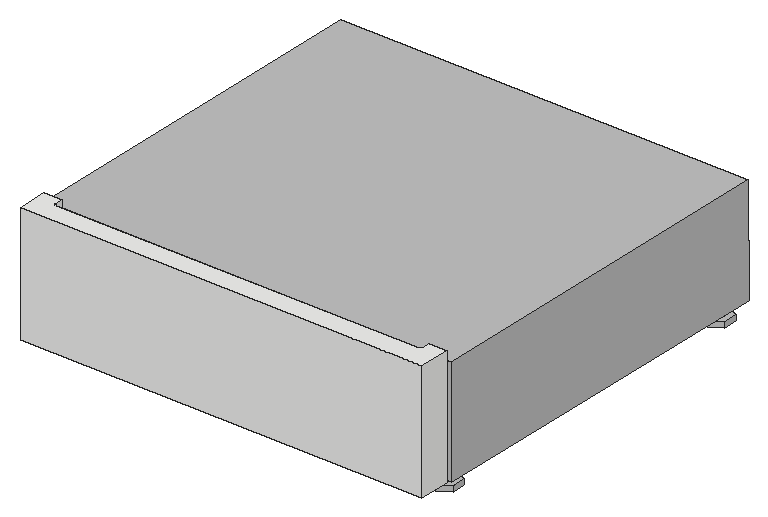
Revit family "FP-Revit19-FM2060S1-Plinth-90002791A", category Specialty Equipment, Revit 2020
Family settings
  Round Connector Dimension = Use Diameter
  Part Type = Normal
  Work Plane-Based = No
  Always vertical = Yes
  Cut with Voids When Loaded = Yes
  Shared = No
  Room Calculation Point = No
Parameters (values of type "FM2060S1")
  Visibility - Clearance Required = yes
  Product - Height (192mm - 202mm) = ([Cavity - Height (195mm - 205mm)]) - 3 mm  # 197 mm
  Product - Width = 600 mm  # constant formula
  Product - Depth = 605 mm  # constant formula
  Model = "FM2060S1"
  Material - Front = Fisher & Paykel - White
  Material - Body = Fisher & Paykel - Grey
  Manufacturer = "Fisher & Paykel Appliances Ltd"  # constant formula
  Default Elevation = 0 mm
  Chassis - Width = 600 mm  # constant formula
  Chassis - Height = 159 mm  # constant formula
  Chassis - Depth = 545 mm  # constant formula
  Cavity - Width = 624 mm  # constant formula
  Cavity - Height (195mm - 205mm) = 200 mm  # constant formula
  Cavity - Depth = 655 mm  # constant formula
Types (3, lengths in mm): name | Model | Material - Front
  (no name) | "FM2060S1" | Fisher & Paykel - White
  FM2060S1 | "FM2060S1" | Fisher & Paykel - White
  FM2060SG1 | "FM2060SG1" | Fisher & Paykel - Grey, Charcoal
Reference planes
  plane 1 "Front": y = 0
  plane 2: z = 0
  plane 3 "Center (Left/Right)": x = 0
  plane 4 "Product LHS": x = -300
  plane 5 "Cavity LHS": x = -312
  plane 6 "Product RHS": x = 300
  plane 7 "Cavity RHS": x = 312
  plane 8 "FFL_Offset": z = 0
  plane 9 "Product - Height": z = 197
  plane 10 "Cavity - Height": z = 200
  plane 11 "Chassis": z = 23
  plane 12 "Chassis Rear": y = 605
  plane 13 "Chassis Front": y = 60
  plane 14: y = 655
  plane 15 "Datum": y = 10
Forms (mm)
  Extrusion 1, solid, material "Fisher & Paykel - Grey" <- "Material - Body"
    sketch origin (0, 0, 1000) x (0, 1, 0) y (0, 0, 1)
      loop
        line (59.969, -818) -> (59.969, -977) -> (605, -977) -> (605, -818) -> (59.969, -818)
    from -300 to 300
  Extrusion 2, solid, material "Fisher & Paykel - White" <- "Material - Front"
    sketch origin (0, 0, 0) x (1, 0, 0) y (0, 1, 0)
      loop
        line (-296.6, 54.969) -> (-295.406, 9.873)
        arc (-295.406, 9.873) -> (0, -0.081) -> (295.406, 9.873) r 4388.088
        line (295.406, 9.873) -> (296.6, 54.969) -> (-296.6, 54.969)
    from 23 to 197
  Extrusion 3, void
    sketch origin (0, 0, 0) x (1, 0, 0) y (0, 1, 0)
      loop
        line (-270.25, 54.969) -> (-270.25, 43.595)
        arc (-270.25, 43.595) -> (-269.217, 41.102) -> (-266.724, 40.069) r 3.526
        line (-266.724, 40.069) -> (266.758, 40.069)
        arc (266.758, 40.069) -> (269.227, 41.092) -> (270.25, 43.561) r 3.492
        line (270.25, 43.561) -> (270.25, 54.969) -> (-270.25, 54.969)
    from 185.9 to 197
  Extrusion 4, solid, material "Fisher & Paykel - Grey" <- "Material - Body"
    sketch origin (0, 0, 0) x (0, 1, 0) y (0, 0, 1)
      loop
        line (110.869, 23) -> (110.869, 5) -> (125.069, 5) -> (129.399, 12.5) -> (134.399, 12.5) -> (134.399, 9.997) -> (168.249, 9.997)
        arc (168.249, 9.997) -> (182.876, 3.386) -> (197.503, 9.997) r 19.487
        line (197.503, 9.997) -> (480.17, 9.997)
        arc (480.17, 9.997) -> (494.797, 3.288) -> (509.424, 9.997) r 19.3
        line (509.424, 9.997) -> (553.2, 9.997) -> (553.2, 23) -> (110.869, 23)
    from 172.5 to 219.5
  Extrusion 5, solid, material "Fisher & Paykel - Grey" <- "Material - Body"
    sketch origin (0, 0, 0) x (1, 0, 0) y (0, 1, 0)
      loop
        circle (272.7, 84.769) r 7.942
      loop
        circle (276, 579.9) r 7.963
      loop
        circle (-272.7, 84.769) r 7.942
      loop
        circle (-276, 579.9) r 7.963
    from 8 to 23
  Extrusion 6, solid, material "Fisher & Paykel - Grey" <- "Material - Body"
    sketch origin (0, 0, 0) x (1, 0, 0) y (0, 1, 0)
      loop
        line (272.7, 104.769) -> (255.379, 94.769) -> (255.379, 74.769) -> (272.7, 64.769) -> (290.021, 74.769) -> (290.021, 94.769) -> (272.7, 104.769)
      loop
        line (276, 599.9) -> (258.679, 589.9) -> (258.679, 569.9) -> (276, 559.9) -> (293.321, 569.9) -> (293.321, 589.9) -> (276, 599.9)
      loop
        line (-272.7, 104.769) -> (-290.021, 94.769) -> (-290.021, 74.769) -> (-272.7, 64.769) -> (-255.379, 74.769) -> (-255.379, 94.769) -> (-272.7, 104.769)
      loop
        line (-276, 599.9) -> (-293.321, 589.9) -> (-293.321, 569.9) -> (-276, 559.9) -> (-258.679, 569.9) -> (-258.679, 589.9) -> (-276, 599.9)
    from 0 to 8
  Extrusion 7, solid, material "Fisher & Paykel - Grey" <- "Material - Body"
    sketch origin (0, 0, 0) x (0, 1, 0) y (0, 0, 1)
      loop
        line (54.969, 160.5) -> (54.969, 53) -> (59.969, 53) -> (59.969, 160.5) -> (54.969, 160.5)
    from -270 to 270
  Extrusion 8, solid, material "Fisher & Paykel - Clearance Required", visible <- "Visibility - Clearance Required", detail levels coarse
    sketch origin (0, 0, 0) x (0, 1, 0) y (0, 0, 1)
      loop
        line (0, 0) -> (655, 0) -> (655, 200) -> (0, 200) -> (0, 0)
    from -312 to 312
  Extrusion 9, void
    sketch origin (0, 0, 0) x (0, 1, 0) y (0, 0, 1)
      loop
        line (0, 0) -> (655, 0) -> (655, 200) -> (0, 200) -> (0, 0)
    from -312 to 312
  Extrusion 10, solid, material "Fisher & Paykel - Grey" <- "Material - Body"
    sketch origin (0, 0, 0) x (0, 1, 0) y (0, 0, -1)
      loop
        line (110.869, -23) -> (553.2, -23) -> (553.2, -9.997) -> (509.424, -9.997)
        arc (509.424, -9.997) -> (494.797, -3.288) -> (480.17, -9.997) r 19.3
        line (480.17, -9.997) -> (197.503, -9.997)
        arc (197.503, -9.997) -> (182.876, -3.386) -> (168.249, -9.997) r 19.487
        line (168.249, -9.997) -> (134.399, -9.997) -> (134.399, -12.5) -> (129.399, -12.5) -> (125.069, -5) -> (110.869, -5) -> (110.869, -23)
    from 172.5 to 219.5
Cuts and joins
  Extrusion 3 cuts Extrusion 2
Dimensions and locks
  equal spacing: plane 4 "Product LHS", plane 3 "Center (Left/Right)", plane 6 "Product RHS"
  equal spacing: plane 5 "Cavity LHS", plane 3 "Center (Left/Right)", plane 7 "Cavity RHS"
  "Cavity - Width": plane 5 "Cavity LHS" to plane 7 "Cavity RHS"
  "Product - Width": plane 4 "Product LHS" to plane 6 "Product RHS"
  plane 1 "Front" to Extrusion 2 = 54.969 mm
  locked: Extrusion 6 to plane 8 "FFL_Offset" at 8
  locked: plane 9 "Product - Height" to plane 11 "Chassis" at 174
  "Product - Height (192mm - 202mm)": plane 9 "Product - Height" to plane 8 "FFL_Offset"
  locked: plane 9 "Product - Height" to Extrusion 1 at 15
  "Cavity - Depth": plane 14 to plane 1 "Front"
  locked: plane 11 "Chassis" to Extrusion 4 sketch curve at 13.003
  locked: Extrusion 4 sketch curve to plane 11 "Chassis" at 18
  locked: Extrusion 4 sketch curve to Extrusion 4 sketch curve at 7.5
  plane 8 "FFL_Offset" to level = 0 mm
  "Cavity - Height (195mm - 205mm)": plane 10 "Cavity - Height" to plane 8 "FFL_Offset"
  locked: Extrusion 10 sketch curve to Extrusion 10 sketch curve at 7.5
  "Chassis - Height": Extrusion 1 to plane 11 "Chassis"
  locked: plane 9 "Product - Height" to cut or joined group of Extrusion 2, Extrusion 3 at 11.1
  locked: plane 1 "Front" to plane 15 "Datum" at 10
  "Product - Depth": plane 12 "Chassis Rear" to plane 1 "Front"
  "Chassis - Depth": plane 12 "Chassis Rear" to plane 13 "Chassis Front"
  aligned and locked: level to plane 2
  aligned and locked: Extrusion 1 to plane 6 "Product RHS"
  aligned and locked: plane 4 "Product LHS" to Extrusion 1
  aligned and locked: plane 11 "Chassis" to Extrusion 5
  aligned and locked: Extrusion 1 to plane 4 "Product LHS"
  aligned and locked: plane 6 "Product RHS" to Extrusion 1
  aligned and locked: Extrusion 6 to plane 8 "FFL_Offset"
  aligned and locked: Extrusion 1 to plane 11 "Chassis"
  aligned and locked: plane 9 "Product - Height" to cut or joined group of Extrusion 2, Extrusion 3  (x2)
  aligned and locked: cut or joined group of Extrusion 2, Extrusion 3 to Extrusion 7 sketch curve
  aligned and locked: Extrusion 1 to Extrusion 7 sketch curve
  aligned and locked: Extrusion 2 to Extrusion 1
  aligned and locked: Extrusion 4 sketch curve to Extrusion 4 sketch curve  (x2)
  aligned and locked: plane 14 to Extrusion 8 sketch curve
  aligned and locked: plane 10 "Cavity - Height" to Extrusion 8 sketch curve
  aligned and locked: Extrusion 8 sketch curve to plane 8 "FFL_Offset"
  aligned and locked: plane 1 "Front" to Extrusion 8 sketch curve
  aligned and locked: Extrusion 8 to plane 7 "Cavity RHS"
  aligned and locked: plane 5 "Cavity LHS" to Extrusion 8
  aligned and locked: Extrusion 9 to Extrusion 8  (x4)
  aligned and locked: Extrusion 10 sketch curve to Extrusion 10 sketch curve  (x2)
  aligned and locked: Extrusion 5 to Extrusion 6
Automatic sketch dimensions
  Extrusion 1 sketch curve to plane 11 "Chassis" = 0 mm
  Extrusion 1 sketch curve to plane 12 "Chassis Rear" = 0 mm
  Extrusion 1 sketch curve to plane 13 "Chassis Front" = 0.031 mm
  Extrusion 1 sketch curve to plane 9 "Product - Height" = 15 mm
  Extrusion 2 sketch curve to plane 3 "Center (Left/Right)" = 0 mm
  Extrusion 2 sketch curve to plane 4 "Product LHS" = 4.594 mm
  Extrusion 2 sketch curve to plane 4 "Product LHS" = 3.4 mm
  plane 6 "Product RHS" to Extrusion 2 sketch curve = 4.594 mm
  plane 6 "Product RHS" to Extrusion 2 sketch curve = 3.4 mm
  Extrusion 2 sketch curve to plane 13 "Chassis Front" = 5.031 mm
  Extrusion 3 sketch curve to plane 13 "Chassis Front" = 5.031 mm
  Extrusion 3 sketch curve to plane 4 "Product LHS" = 29.75 mm
  Extrusion 3 sketch curve to Extrusion 3 sketch curve = 3.526 mm
  Extrusion 3 sketch curve to plane 13 "Chassis Front" = 16.439 mm
  plane 6 "Product RHS" to Extrusion 3 sketch curve = 33.242 mm
  Extrusion 3 sketch curve to Extrusion 3 sketch curve = 3.492 mm
  Extrusion 4 sketch curve to plane 11 "Chassis" = 0 mm
  plane 13 "Chassis Front" to Extrusion 4 sketch curve = 50.869 mm
  Extrusion 4 sketch curve to Extrusion 4 sketch curve = 14.2 mm
  Extrusion 4 sketch curve to Extrusion 4 sketch curve = 4.33 mm
  Extrusion 4 sketch curve to Extrusion 4 sketch curve = 5 mm
  Extrusion 4 sketch curve to Extrusion 4 sketch curve = 33.85 mm
  Extrusion 4 sketch curve to plane 11 "Chassis" = 0.127 mm
  Extrusion 4 sketch curve to Extrusion 4 sketch curve = 14.627 mm  (x2)
  Extrusion 4 sketch curve to plane 12 "Chassis Rear" = 124.83 mm
  Extrusion 4 sketch curve to plane 11 "Chassis" = 0.413 mm
  Extrusion 4 sketch curve to Extrusion 4 sketch curve = 43.776 mm
  Extrusion 5 sketch curve to plane 4 "Product LHS" = 24 mm
  Extrusion 5 sketch curve to plane 4 "Product LHS" = 27.3 mm
  plane 6 "Product RHS" to Extrusion 5 sketch curve = 27.3 mm
  plane 6 "Product RHS" to Extrusion 5 sketch curve = 24 mm
  plane 13 "Chassis Front" to Extrusion 5 sketch curve = 24.769 mm  (x2)
  Extrusion 5 sketch curve to plane 12 "Chassis Rear" = 25.1 mm  (x2)
  Extrusion 6 sketch curve to plane 4 "Product LHS" = 6.679 mm
  Extrusion 6 sketch curve to plane 4 "Product LHS" = 9.979 mm
  Extrusion 6 sketch curve to Extrusion 6 sketch curve = 17.321 mm  (x10)
  Extrusion 6 sketch curve to plane 12 "Chassis Rear" = 5.1 mm  (x2)
  plane 13 "Chassis Front" to Extrusion 6 sketch curve = 4.769 mm  (x2)
  plane 6 "Product RHS" to Extrusion 6 sketch curve = 44.621 mm
  plane 6 "Product RHS" to Extrusion 6 sketch curve = 41.321 mm
  plane 6 "Product RHS" to Extrusion 6 sketch curve = 9.979 mm
  plane 6 "Product RHS" to Extrusion 6 sketch curve = 6.679 mm
  plane 13 "Chassis Front" to Extrusion 6 sketch curve = 14.769 mm  (x4)
  Extrusion 6 sketch curve to Extrusion 6 sketch curve = 20 mm  (x4)
  Extrusion 6 sketch curve to Extrusion 6 sketch curve = 10 mm  (x6)
  Extrusion 6 sketch curve to Extrusion 6 sketch curve = 40 mm  (x2)
  Extrusion 6 sketch curve to plane 12 "Chassis Rear" = 15.1 mm  (x4)
  plane 11 "Chassis" to Extrusion 7 sketch curve = 30 mm
  Extrusion 7 sketch curve to plane 9 "Product - Height" = 36.5 mm
  Extrusion 9 sketch curve to plane 1 "Front" = 0 mm
  Extrusion 9 sketch curve to plane 10 "Cavity - Height" = 0 mm
  Extrusion 9 sketch curve to plane 14 = 0 mm
  Extrusion 9 sketch curve to plane 8 "FFL_Offset" = 0 mm
  Extrusion 10 sketch curve to plane 11 "Chassis" = 0 mm
  plane 13 "Chassis Front" to Extrusion 10 sketch curve = 50.869 mm
  plane 8 "FFL_Offset" to Extrusion 10 sketch curve = 5 mm
  Extrusion 10 sketch curve to Extrusion 10 sketch curve = 14.2 mm
  Extrusion 10 sketch curve to Extrusion 10 sketch curve = 4.33 mm
  Extrusion 10 sketch curve to Extrusion 10 sketch curve = 5 mm
  Extrusion 10 sketch curve to Extrusion 10 sketch curve = 33.85 mm
  Extrusion 10 sketch curve to plane 11 "Chassis" = 0.127 mm
  Extrusion 10 sketch curve to Extrusion 10 sketch curve = 14.627 mm  (x2)
  plane 8 "FFL_Offset" to Extrusion 10 sketch curve = 9.997 mm
  Extrusion 10 sketch curve to plane 12 "Chassis Rear" = 124.83 mm
  Extrusion 10 sketch curve to plane 11 "Chassis" = 0.413 mm
  Extrusion 10 sketch curve to Extrusion 10 sketch curve = 43.776 mm
  plane 15 "Datum" to Extrusion 2 sketch curve = 0.127 mm
  plane 14 to Extrusion 2 sketch curve = 3733.007 mm
  radius of Extrusion 5 sketch curve = 7.942 mm  (x2)
  radius of Extrusion 5 sketch curve = 7.963 mm  (x2)
